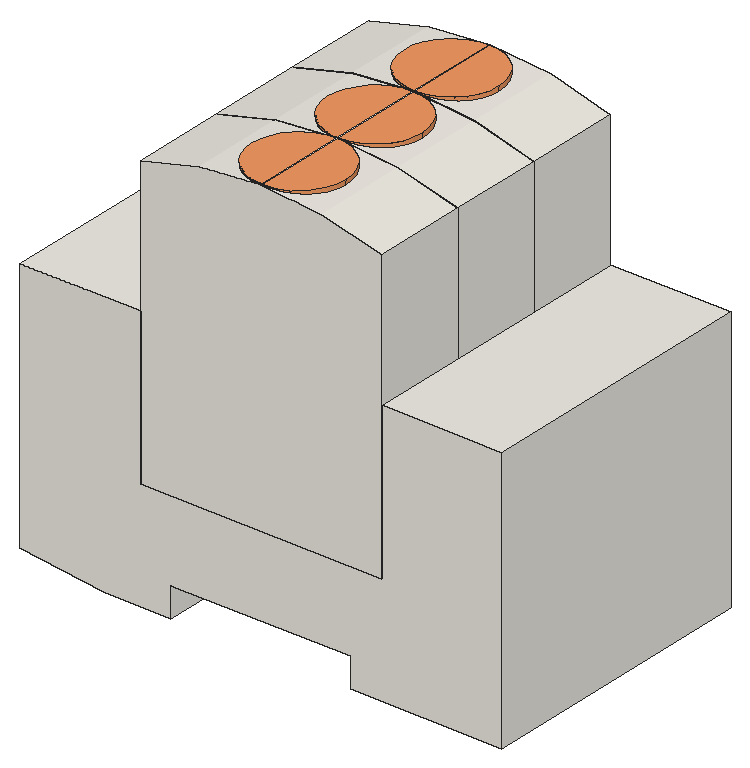
Revit family "Überspannungsableiter V20, 3-polig mit FS", category Generic Models, Revit 2015
Parameters (values of type "V20-3+FS-550")
  Width = 90 mm
  URL = "http://www.obo-bettermann.com"
  Material 2 = PA 66/6 FR HF RAL 2003
  Material = PA 66/6 FR HF RAL 9010
  Manufacturer Art.No. = "5095313"
  Manufacturer = "OBO Bettermann"
  Length = 53.4 mm
  Height = 78.5 mm
  GTIN = "4012196162949"
  Article Type = "V20-3+FS-550"
Types (5, lengths in mm): name | Manufacturer Art.No. | GTIN | Article Type
  (no name) | "5095313" | "4012196162949" | "V20-3+FS-550"
  V20-3+FS-280 | "5095283" | "4012196162338" | "V20-3+FS-280"
  V20-3+FS-320 | "5095293" | "4012196162833" | "V20-3+FS-320"
  V20-3+FS-385 | "5095303" | "4012196162888" | "V20-3+FS-385"
  V20-3+FS-550 | "5095313" | "4012196162949" | "V20-3+FS-550"
Reference planes
  plane 1 "Center (Front/Back)": y = 0
  plane 2: z = 0
  plane 3 "Center (Left/Right)": x = 0
  plane 4: y = 17.8
  plane 5: z = 78.5
  plane 6: z = 78.5
  plane 7: z = 77.5
  plane 8: y = 35.6
  plane 9: y = 53.4
Forms (mm)
  Extrusion 1, solid, material "PA 66/6 FR HF RAL 9010" <- "Material"
    sketch origin (0, 0, 0) x (1, 0, 0) y (0, 0, 1)
      loop
        line (-29.35, 0) -> (-16.75, 0) -> (-16.75, 5.5) -> (16.75, 5.5) -> (16.75, 0) -> (45, 0) -> (45, 49.5) -> (22.5, 49.5) -> (22.5, 20.5) -> (-22.5, 20.5) -> (-22.5, 49.5) -> (-45, 49.5) -> (-45, 1.922) -> (-29.35, 0)
    from -53.4 to 0
  Extrusion 2, solid, material "PA 66/6 FR HF RAL 9010" <- "Material"
    sketch origin (0, 0, 0) x (1, 0, 0) y (0, 0, 1)
      loop
        line (-22.5, 20.5) -> (22.5, 20.5) -> (22.5, 74.639)
        arc (22.5, 74.639) -> (0, 78.5) -> (-22.5, 74.639) r 67.488
        line (-22.5, 74.639) -> (-22.5, 20.5)
    from -17.8 to 0
  Extrusion 3, solid, material "PA 66/6 FR HF RAL 2003" <- "Material 2"
    sketch origin (0, 0, 0) x (1, 0, 0) y (0, 1, 0)
      loop
        circle (0, 8.9) r 8.75
    from 77.5 to 78.5
  Extrusion 4, solid, material "PA 66/6 FR HF RAL 9010" <- "Material"
    sketch origin (0, 0, 0) x (1, 0, 0) y (0, 0, 1)
      loop
        line (-22.5, 74.639) -> (-22.5, 20.5) -> (22.5, 20.5) -> (22.5, 74.639)
        arc (22.5, 74.639) -> (0, 78.5) -> (-22.5, 74.639) r 67.488
    from -35.6 to -17.8
  Extrusion 5, solid, material "PA 66/6 FR HF RAL 2003" <- "Material 2"
    sketch origin (0, 0, 0) x (1, 0, 0) y (0, 1, 0)
      loop
        circle (0, 26.7) r 8.8
    from 77.5 to 78.5
  Extrusion 6, solid, material "PA 66/6 FR HF RAL 9010" <- "Material"
    sketch origin (0, 0, 0) x (1, 0, 0) y (0, 0, 1)
      loop
        line (-22.5, 74.639) -> (-22.5, 20.5) -> (22.5, 20.5) -> (22.5, 74.639)
        arc (22.5, 74.639) -> (0, 78.5) -> (-22.5, 74.639) r 67.488
    from -53.4 to -35.6
  Extrusion 7, solid, material "PA 66/6 FR HF RAL 2003" <- "Material 2"
    sketch origin (0, 0, 0) x (1, 0, 0) y (0, 1, 0)
      loop
        circle (0, 44.5) r 8.8
    from 77.5 to 78.5
Dimensions and locks
  locked: Extrusion 1 sketch curve to Extrusion 1 sketch curve at 33.5
  locked: plane 3 "Center (Left/Right)" to Extrusion 1 sketch curve at 16.75
  locked: Extrusion 1 sketch curve to level at 5.5
  "Width": Extrusion 1 sketch curve to Extrusion 1 sketch curve
  equal spacing: Extrusion 1 sketch curve, plane 3 "Center (Left/Right)", Extrusion 1 sketch curve, locked at 45 each
  locked: Extrusion 1 sketch curve to Extrusion 1 sketch curve at 44
  locked: Extrusion 1 sketch curve to Extrusion 1 sketch curve at 45
  equal spacing: Extrusion 1 sketch curve, plane 3 "Center (Left/Right)", Extrusion 1 sketch curve, locked at 22.5 each
  locked: Extrusion 1 sketch curve to Extrusion 1 sketch curve at 29
  locked: Extrusion 1 sketch curve to Extrusion 1 sketch curve at 15.65
  locked: Extrusion 1 sketch curve to level at 1.922
  "Height": plane 5 to level
  locked: Extrusion 2 sketch curve to Extrusion 1 at 54.139
  locked: Extrusion 2 to Extrusion 3 sketch curve at 8.9
  "Height": plane 6 to level
  locked: plane 6 to plane 7 at 1
  locked: plane 4 to plane 1 "Center (Front/Back)" at 17.8
  Extrusion 4 to Extrusion 5 sketch curve = 8.9 mm
  locked: plane 8 to plane 4 at 17.8
  "Length": plane 9 to plane 1 "Center (Front/Back)"
  locked: Extrusion 6 to Extrusion 7 sketch curve at 8.9
  radius of Extrusion 2 sketch curve = 67.488 mm
  radius of Extrusion 3 sketch curve = 8.75 mm
  radius of Extrusion 5 sketch curve = 8.8 mm
  radius of Extrusion 7 sketch curve = 8.8 mm
  aligned and locked: level to plane 2
  aligned and locked: Extrusion 1 sketch curve to level  (x2)
  aligned and locked: Extrusion 1 sketch curve to Extrusion 1 sketch curve
  aligned and locked: plane 1 "Center (Front/Back)" to Extrusion 1
  aligned and locked: Extrusion 2 sketch curve to Extrusion 1  (x3)
  aligned and locked: Extrusion 2 sketch curve to Extrusion 2 sketch curve
  aligned and locked: plane 1 "Center (Front/Back)" to Extrusion 2
  aligned and locked: plane 6 to Extrusion 3
  aligned and locked: Extrusion 3 to plane 7
  aligned and locked: Extrusion 4 sketch curve to Extrusion 2  (x4)
  aligned and locked: Extrusion 4 to plane 4
  aligned and locked: Extrusion 5 to Extrusion 3  (x2)
  aligned and locked: plane 9 to Extrusion 1
  aligned and locked: Extrusion 6 sketch curve to Extrusion 2  (x4)
  aligned and locked: Extrusion 1 to Extrusion 6
  aligned and locked: Extrusion 6 to plane 8
  aligned and locked: Extrusion 7 to Extrusion 3  (x2)
Automatic sketch dimensions
  Extrusion 3 sketch curve to plane 3 "Center (Left/Right)" = 0 mm
  Extrusion 5 sketch curve to plane 3 "Center (Left/Right)" = 0 mm
  Extrusion 7 sketch curve to plane 3 "Center (Left/Right)" = 0 mm
